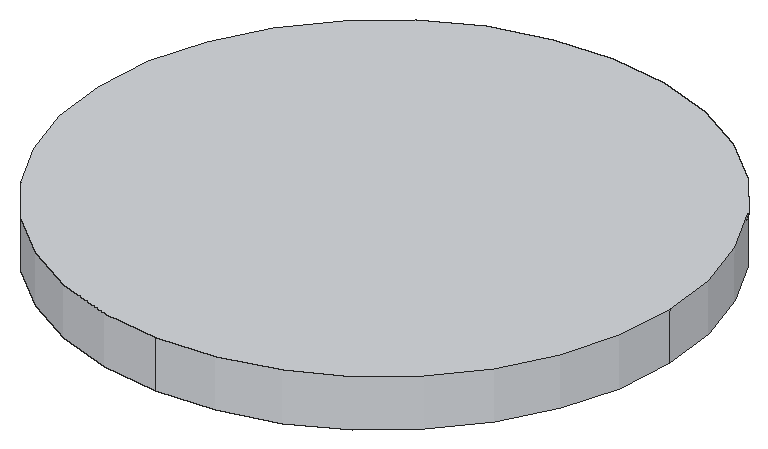
Revit family "071311a029c7440594813388593316ad", category Mechanical Equipment, host Face, Revit 2021
Family settings
  Host = Face
  Round Connector Dimension = Use Radius
  Part Type = Normal
  OmniClass Number = 23.75.70.21.27
  OmniClass Title = Air Outlets and Inlets
  Seek Item ID = Round Duct Connector - Supply Air - Mechanical Equipment-0000-USA-ENU
  Cut with Voids When Loaded = No
  Shared = No
  Room Calculation Point = No
Parameters (values of type "Standard")
  Thickness [instance] = 1"
  Radius [instance] = 6"
  Flow [instance] = 100 CFM
  Diameter [instance] = Radius * 2  # 12"
  Default Elevation = 0' - 0"
  Assembly Code = ""
Reference planes (in)
  plane 1 "Center (Front/Back)": y = 0
  plane 2: z = 0
  plane 3 "Center (Left/Right)": x = 0
Forms (in)
  Sweep 1, solid
    path in 3D
      loop
        line (0, 0, 0) -> (0, 0, 1)
    profile "Duct - Round : Duct - Round" origin (0, 0, 0.5) x (0, -1, 0) y (1, 0, 0)
      loop
        arc (-6, 0) -> (-4.24264, -4.24264) -> (0, -6) r 6
        arc (0, -6) -> (4.24264, -4.24264) -> (6, 0) r 6
        arc (6, 0) -> (4.24264, 4.24264) -> (0, 6) r 6
        arc (0, 6) -> (-4.24264, 4.24264) -> (-6, 0) r 6
Lines and regions (in)
  reference lines
    curve 1: line (0, 0, 0) -> (0, 0, 1)
  sketch lines
    curve 2: line (0, 0, 0) -> (0, 0, 1)
Dimensions and locks (in)
  "Thickness": curve 1 to curve 1
  aligned and locked: plane 2 to host face
  aligned and locked: level to host face
  aligned and locked: host face to curve 1
  aligned and locked: curve 1 to plane 1 "Center (Front/Back)"
Automatic sketch dimensions
  host sketch curve to host sketch curve = 8' - 0"  (x2)
Connectors (in)
  hvac at (0, 0, 1), driven by "Radius", driven by "Flow"
    settings: on Sweep 1, index 1, duct flow 100 CFM, flow factor 0, pres drop 0.00 in-wg, loss coef 0, conn angle 0.00°, conn width 12", conn height 12", conn diameter 12", duct sys type 1, conn prof type 0, flow config 1, flow direction 1, loss method 0, conn ref index -1, conn util no, is conn primary yes, conn desc ""
